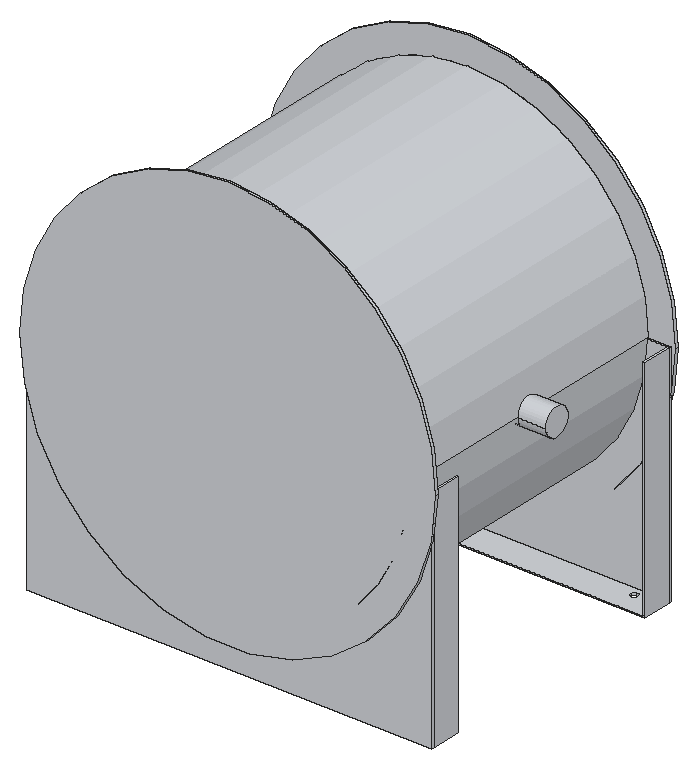
Revit family "VAD_Horizontal_Floor_Mount", category Mechanical Equipment, Revit 2019
Family settings
  Round Connector Dimension = Use Radius
  Part Type = Normal
  Work Plane-Based = No
  Always vertical = Yes
  Cut with Voids When Loaded = No
  Shared = No
  Room Calculation Point = No
Parameters (values of type "26_VAD_HOR_FLOOR")
  Unit Weight [instance] = ""
  P/2 = P / 2  # 0' - 0 9/32"
  P = 0' - 0 9/16"  # constant formula
  N = 1' - 0 13/16"
  ModelID [instance] = "i"
  M/2 = M / 2  # 1' - 2 25/32"
  M = 2' - 5 9/16"
  J = 0' - 1"
  K/2 = K / 2  # 1' - 3 1/16"
  K = 2' - 6 1/8"
  L-(C/2) = L - (C / 2)  # 0' - 2 11/16"
  L = 1' - 4 11/16"
  H/2 = H / 2  # 0' - 10"
  H-(A/2) = H - (A / 2)  # 0' - 7"
  H+L = H + L  # 3' - 0 11/16"
  H = 1' - 8"
  Sones [instance] = ""
  Motor RPM [instance] = ""
  Motor Enclosure [instance] = ""
  LwA [instance] = ""
  G = 12' - 0"
  Fan RPM [instance] = ""
  F/2 = F / 2  # 0' - 0 7/32"
  F = 0' - 0 7/16"
  E/2 = E / 2  # 0' - 11"
  E-2" = E - 0' 2"  # 1' - 8"
  E = 1' - 10"
  C/2+L = C / 2 + L  # 2' - 6 11/16"
  C/2 = C / 2  # 1' - 2"
  C = 2' - 4"
  B/2 = B / 2  # 1' - 3 5/32"
  B = 2' - 6 5/16"
  Accessories [instance] = ""
  A/3 = A / 2.5  # 0' - 10.4"
  A/2 = A / 2  # 1' - 1"
  A = 2' - 2"
  60 = 60.00°  # constant formula
  30 = 30.00°  # constant formula
  3" = 0' - 3"  # constant formula
  Brake Hp [instance] = ""
  4" = 0' - 4"  # constant formula
  2' = 2' - 0"
  2" = 0' - 2"  # constant formula
  1" = 0' - 1"  # constant formula
  0 = 0' - 0"  # constant formula
  Voltage [instance] = 0 V
  URL = "www.lorencook.com"
  Type Comments = "Fixed Pitch Vane Axial Horizontal Floor Mount Direct Drive Arrangement 4"  # constant formula
  Static Pressure [instance] = 0.00 in-wg
  Power [instance] = Voltage * Motor FLA * sqrt(if(Phase = 3, 3, 1))  # 0 VA
  Phase [instance] = 0
  Number of Poles [instance] = 1
  Motor Hp [instance] = "0"
  Motor FLA [instance] = 0 A
  Model = "VAD"  # constant formula
  Manufacturer = "Loren Cook Company"
  CFM [instance] = 0 CFM
  1.5 = 0' - 1 1/2"  # constant formula
  ONE EIGTH = 0' - 0 1/8"  # constant formula
  -E/2 = -E / 2  # -0' - 11"
  -(E-.25")/2 = -(E - 0' 0 1/4") / 2  # -0' - 10 7/8"
  (H-(A/2))/2 = (H - (A / 2)) / 2  # 0' - 3 1/2"
  (E-.25")/2 = (E - 0' 0 1/4") / 2  # 0' - 10 7/8"
  (A+.25")/2 = (A + 0' 0 1/4") / 2  # 1' - 1 1/8"
Types (10): name | N | ModelID | M/2 | M | J | K/2 | K | L-(C/2) | L | H/2 | H-(A/2) | H+L | H | G | F/2 | F | E/2 | E-2" | E | C/2+L | C/2 | C | B/2 | B | A/3 | A/2 | A | -E/2 | -(E-.25")/2 | (H-(A/2))/2 | (E-.25")/2 | (A+.25")/2
  (no name) | 1' - 0 13/16" | "i" | 1' - 2 25/32" | 2' - 5 9/16" | 0' - 1" | 1' - 3 1/16" | 2' - 6 1/8" | 0' - 2 11/16" | 1' - 4 11/16" | 0' - 10" | 0' - 7" | 3' - 0 11/16" | 1' - 8" | 12' - 0" | 0' - 0 7/32" | 0' - 0 7/16" | 0' - 11" | 1' - 8" | 1' - 10" | 2' - 6 11/16" | 1' - 2" | 2' - 4" | 1' - 3 5/32" | 2' - 6 5/16" | 0' - 10.4" | 1' - 1" | 2' - 2" | -0' - 11" | -0' - 10 7/8" | 0' - 3 1/2" | 0' - 10 7/8" | 1' - 1 1/8"
  18_VAD_HOR_FLOOR | 0' - 8 1/2" | "" | 0' - 10 1/2" | 1' - 9" | 0' - 1" | 1' - 1 5/8" | 2' - 3 1/4" | 0' - 2 9/16" | 1' - 0 7/16" | 0' - 8 1/2" | 0' - 8" | 2' - 5 7/16" | 1' - 5" | 12' - 0" | 0' - 0 7/32" | 0' - 0 7/16" | 0' - 9 1/2" | 1' - 5" | 1' - 7" | 1' - 10 5/16" | 0' - 9 7/8" | 1' - 7 3/4" | 0' - 10 5/8" | 1' - 9 1/4" | 0' - 7.2" | 0' - 9" | 1' - 6" | -0' - 9 1/2" | -0' - 9 3/8" | 0' - 4" | 0' - 9 3/8" | 0' - 9 1/8"
  21_VAD_HOR_FLOOR | 0' - 10" | "" | 1' - 0" | 2' - 0" | 0' - 1" | 1' - 2 5/8" | 2' - 5 1/4" | 0' - 2 9/16" | 1' - 1 15/16" | 0' - 9" | 0' - 7 1/2" | 2' - 7 15/16" | 1' - 6" | 12' - 0" | 0' - 0 7/32" | 0' - 0 7/16" | 0' - 10" | 1' - 6" | 1' - 8" | 2' - 1 5/16" | 0' - 11 3/8" | 1' - 10 3/4" | 1' - 0 1/8" | 2' - 0 1/4" | 0' - 8.4" | 0' - 10 1/2" | 1' - 9" | -0' - 10" | -0' - 9 7/8" | 0' - 3 3/4" | 0' - 9 7/8" | 0' - 10 5/8"
  26_VAD_HOR_FLOOR | 1' - 0 13/16" | "i" | 1' - 2 25/32" | 2' - 5 9/16" | 0' - 1" | 1' - 3 1/16" | 2' - 6 1/8" | 0' - 2 11/16" | 1' - 4 11/16" | 0' - 10" | 0' - 7" | 3' - 0 11/16" | 1' - 8" | 12' - 0" | 0' - 0 7/32" | 0' - 0 7/16" | 0' - 11" | 1' - 8" | 1' - 10" | 2' - 6 11/16" | 1' - 2" | 2' - 4" | 1' - 3 5/32" | 2' - 6 5/16" | 0' - 10.4" | 1' - 1" | 2' - 2" | -0' - 11" | -0' - 10 7/8" | 0' - 3 1/2" | 0' - 10 7/8" | 1' - 1 1/8"
  29_VAD_HOR_FLOOR | 1' - 2 5/16" | "" | 1' - 4 5/16" | 2' - 8 5/8" | 0' - 1" | 1' - 5 1/16" | 2' - 10 1/8" | 0' - 2 3/4" | 1' - 6 1/4" | 0' - 11 1/2" | 0' - 8 1/2" | 3' - 5 1/4" | 1' - 11" | 12' - 0" | 0' - 0 7/32" | 0' - 0 7/16" | 1' - 0 1/2" | 1' - 11" | 2' - 1" | 2' - 9 3/4" | 1' - 3 1/2" | 2' - 7" | 1' - 4 21/32" | 2' - 9 5/16" | 0' - 11.6" | 1' - 2 1/2" | 2' - 5" | -1' - 0 1/2" | -1' - 0 3/8" | 0' - 4 1/4" | 1' - 0 3/8" | 1' - 2 5/8"
  36_VAD_HOR_FLOOR | 1' - 6 5/16" | "" | 1' - 8 5/16" | 3' - 4 5/8" | 0' - 1" | 1' - 8 1/16" | 3' - 4 1/8" | 0' - 3 1/4" | 1' - 10 1/4" | 1' - 3" | 1' - 0" | 4' - 4 1/4" | 2' - 6" | 16' - 0" | 0' - 0 9/32" | 0' - 0 9/16" | 1' - 4" | 2' - 6" | 2' - 8" | 3' - 5 1/4" | 1' - 7" | 3' - 2" | 1' - 8 5/32" | 3' - 4 5/16" | 1' - 2.4" | 1' - 6" | 3' - 0" | -1' - 4" | -1' - 3 7/8" | 0' - 6" | 1' - 3 7/8" | 1' - 6 1/8"
  42_VAD_HOR_FLOOR | 1' - 9 3/8" | "" | 2' - 0 3/8" | 4' - 0 3/4" | 0' - 1 1/8" | 2' - 0 1/16" | 4' - 0 1/8" | 0' - 3" | 2' - 1 3/16" | 1' - 5 3/8" | 1' - 1 3/4" | 4' - 11 15/16" | 2' - 10 3/4" | 16' - 0" | 0' - 0 9/32" | 0' - 0 9/16" | 1' - 6 1/2" | 2' - 11" | 3' - 1" | 3' - 11 3/8" | 1' - 10 3/16" | 3' - 8 3/8" | 1' - 10 21/32" | 3' - 9 5/16" | 1' - 4.8" | 1' - 9" | 3' - 6" | -1' - 6 1/2" | -1' - 6 3/8" | 0' - 6 7/8" | 1' - 6 3/8" | 1' - 9 1/8"
  48_VAD_HOR_FLOOR | 2' - 0 3/8" | "" | 2' - 2 3/8" | 4' - 4 3/4" | 0' - 1 1/8" | 2' - 3 1/16" | 4' - 6 1/8" | 0' - 3" | 2' - 4 1/4" | 1' - 7 7/8" | 1' - 3 3/4" | 5' - 8" | 3' - 3 3/4" | 16' - 0" | 0' - 0 9/32" | 0' - 0 9/16" | 1' - 9" | 3' - 4" | 3' - 6" | 4' - 5 1/2" | 2' - 1 1/4" | 4' - 2 1/2" | 2' - 2 19/32" | 4' - 5 3/16" | 1' - 7.2" | 2' - 0" | 4' - 0" | -1' - 9" | -1' - 8 7/8" | 0' - 7 7/8" | 1' - 8 7/8" | 2' - 0 1/8"
  54_VAD_HOR_FLOOR | 2' - 3 1/2" | "" | 2' - 5 1/2" | 4' - 11" | 0' - 1 1/8" | 2' - 6" | 5' - 0" | 0' - 3" | 2' - 7 1/4" | 1' - 9 7/8" | 1' - 4 3/4" | 6' - 3" | 3' - 7 3/4" | 16' - 0" | 0' - 0 9/32" | 0' - 0 9/16" | 1' - 11" | 3' - 8" | 3' - 10" | 4' - 11 1/2" | 2' - 4 1/4" | 4' - 8 1/2" | 2' - 5 23/32" | 4' - 11 7/16" | 1' - 9.6" | 2' - 3" | 4' - 6" | -1' - 11" | -1' - 10 7/8" | 0' - 8 3/8" | 1' - 10 7/8" | 2' - 3 1/8"
  60_VAD_HOR_FLOOR | 2' - 7" | "" | 2' - 9" | 5' - 6" | 0' - 1 1/8" | 2' - 9 1/2" | 5' - 7" | 0' - 3 5/8" | 2' - 11 1/4" | 1' - 9 7/8" | 1' - 1 3/4" | 6' - 7" | 3' - 7 3/4" | 16' - 0" | 0' - 0 9/32" | 0' - 0 9/16" | 1' - 11" | 3' - 8" | 3' - 10" | 5' - 6 7/8" | 2' - 7 5/8" | 5' - 3 1/4" | 2' - 8 23/32" | 5' - 5 7/16" | 2' - 0" | 2' - 6" | 5' - 0" | -1' - 11" | -1' - 10 7/8" | 0' - 6 7/8" | 1' - 10 7/8" | 2' - 6 1/8"
Reference planes (in)
  plane 1 "Center (Front/Back)": y = 0
  plane 2: z = 0
  plane 3 "Center (Left/Right)": x = 0.40541
Forms (in)
  Extrusion 1, solid
    sketch origin (0, 0, 0) x (1, 0, 0) y (0, 0, 1)
      loop
        circle (0.40541, 16.6875) r 15.15625
    from 11 <- "E/2" to -11 <- "-E/2"
  Extrusion 2, void
    sketch origin (0, 0, 0) x (1, 0, 0) y (0, 0, 1)
      loop
        circle (0.40541, 16.6875) r 15.15625
      loop
        circle (0.40541, 16.6875) r 13.125
    from 10.875 <- "(E-.25")/2" to -10.875 <- "-(E-.25")/2"
  Extrusion 3, solid
    sketch origin (0, -11, 0) x (1, 0, 0) y (0, 0, 1)
      loop
        line (-12.71959, 16.6875) -> (-14.37584, 16.6875) -> (-14.37584, 0) -> (15.18666, 0) -> (15.18666, 16.6875) -> (13.53041, 16.6875)
        arc (13.53041, 16.6875) -> (0.40541, 3.5625) -> (-12.71959, 16.6875) r 13.125
    from -0.25 to -0.125
  Extrusion 4, solid
    sketch origin (0, 10.875, 0) x (1, 0, 0) y (0, 0, 1)
      loop
        line (-12.71959, 16.6875) -> (-14.37584, 16.6875) -> (-14.37584, 0) -> (15.18666, 0) -> (15.18666, 16.6875) -> (13.53041, 16.6875)
        arc (13.53041, 16.6875) -> (0.40541, 3.5625) -> (-12.71959, 16.6875) r 13.125
    from 0 to 0.125
  Extrusion 5, solid
    sketch origin (0, 10.875, 0) x (-1, 0, 0) y (0, 0, 1)
      loop
        line (-15.18666, 16.6875) -> (-15.18666, 0) -> (14.37584, 0) -> (14.37584, 16.6875) -> (14.25084, 16.6875) -> (14.25084, 0.125) -> (-15.06166, 0.125) -> (-15.06166, 16.6875) -> (-15.18666, 16.6875)
    from -0.125 to -2.375
  Extrusion 6, solid
    sketch origin (0, -10.875, 0) x (1, 0, 0) y (0, 0, 1)
      loop
        line (-14.37584, 16.6875) -> (-14.37584, 0) -> (15.18666, 0) -> (15.18666, 16.6875) -> (15.06166, 16.6875) -> (15.06166, 0.125) -> (-14.25084, 0.125) -> (-14.25084, 16.6875) -> (-14.37584, 16.6875)
    from -0.125 to -2.375
  Extrusion 7, void
    sketch origin (0, 0, 0) x (1, 0, 0) y (0, 1, 0)
      loop
        circle (-12.40709, 10) r 0.28125
      loop
        circle (13.21791, 10) r 0.28125
      loop
        circle (13.21791, -10) r 0.28125
      loop
        circle (-12.40709, -10) r 0.28125
    from 0 to 0.125
  Extrusion 8, solid
    sketch origin (0.40541, 0, 0) x (0, 1, 0) y (0, 0, 1)
      loop
        circle (0, 16.6875) r 1
    from 0 to 15.15625 <- "B/2"
Cuts and joins
  Extrusion 2 cuts Extrusion 1
  Extrusion 7 cuts Extrusion 5
  Extrusion 7 cuts Extrusion 6
Dimensions and locks (in)
  "0": Extrusion 1 sketch curve to plane 3 "Center (Left/Right)"
  "L": Extrusion 1 sketch curve to level
  "0": Extrusion 2 sketch curve to plane 3 "Center (Left/Right)"  (x2)
  "L": Extrusion 2 sketch curve to level  (x2)
  "L": Extrusion 3 sketch curve to level  (x4)
  "0": Extrusion 3 sketch curve to plane 3 "Center (Left/Right)"
  "M/2": Extrusion 3 sketch curve to plane 3 "Center (Left/Right)"  (x2)
  "L": level to Extrusion 4 sketch curve
  "0": Extrusion 4 sketch curve to plane 3 "Center (Left/Right)"
  "0": Extrusion 4 sketch curve to level
  "0": Extrusion 4 sketch curve to Extrusion 3  (x3)
  "0": level to Extrusion 5 sketch curve
  "ONE EIGTH": level to Extrusion 5 sketch curve
  "ONE EIGTH": Extrusion 5 sketch curve to Extrusion 5 sketch curve  (x2)
  "0": Extrusion 5 sketch curve to Extrusion 4
  "0": Extrusion 4 to Extrusion 5 sketch curve  (x2)
  "ONE EIGTH": Extrusion 6 sketch curve to Extrusion 6 sketch curve  (x2)
  "ONE EIGTH": Extrusion 6 sketch curve to level
  "0": Extrusion 6 sketch curve to level
  "0": Extrusion 6 sketch curve to Extrusion 3  (x2)
  "0": Extrusion 3 to Extrusion 6 sketch curve
  "M/2": Extrusion 5 sketch curve to plane 3 "Center (Left/Right)"
  "H/2": plane 1 "Center (Front/Back)" to Extrusion 7 sketch curve  (x4)
  "N": Extrusion 7 sketch curve to plane 3 "Center (Left/Right)"  (x4)
  "0": Extrusion 3 sketch curve to level
  "L": Extrusion 6 sketch curve to level
  "0": plane 1 "Center (Front/Back)" to Extrusion 8 sketch curve
  "L": Extrusion 8 sketch curve to level
  "B/2": radius of Extrusion 1 sketch curve
  "(A+.25")/2": radius of Extrusion 2 sketch curve
  "B/2": radius of Extrusion 2 sketch curve
  "(A+.25")/2": radius of Extrusion 3 sketch curve
  "(A+.25")/2": radius of Extrusion 4 sketch curve
  "P/2": radius of Extrusion 7 sketch curve  (x4)
  "1"": radius of Extrusion 8 sketch curve
Connectors (in)
  hvac at (0.40541, -11, 16.6875), driven by "A/2"
    settings: on cut or joined group of Extrusion 1, Extrusion 2, index 2, duct flow 0 CFM, flow factor 0, pres drop 0.00 in-wg, loss coef 0, conn angle 0.00°, conn width 12", conn height 12", conn diameter 26", duct sys type 29, conn prof type 0, flow config 0, flow direction 2, loss method 0, conn ref index -1, conn util no, is conn primary yes, conn desc ""
  hvac at (0.40541, 11, 16.6875), driven by "A/2"
    settings: on cut or joined group of Extrusion 1, Extrusion 2, index 3, duct flow 0 CFM, flow factor 0, pres drop 0.00 in-wg, loss coef 0, conn angle 0.00°, conn width 12", conn height 12", conn diameter 26", duct sys type 29, conn prof type 0, flow config 0, flow direction 1, loss method 0, conn ref index -1, conn util no, is conn primary no, conn desc ""
  electrical at (15.56166, 0, 16.6875)
    settings: on Extrusion 8, index 4, voltage 0 V, apparent load 0 VA, apparent load phase1 0 VA, apparent load phase2 0 VA, apparent load phase3 0 VA, power factor 1, load classification "Other", number of poles 1, system type 30, power factor state 1, is connector primary yes, connector utility no, sub classification motor no, connector description ""
